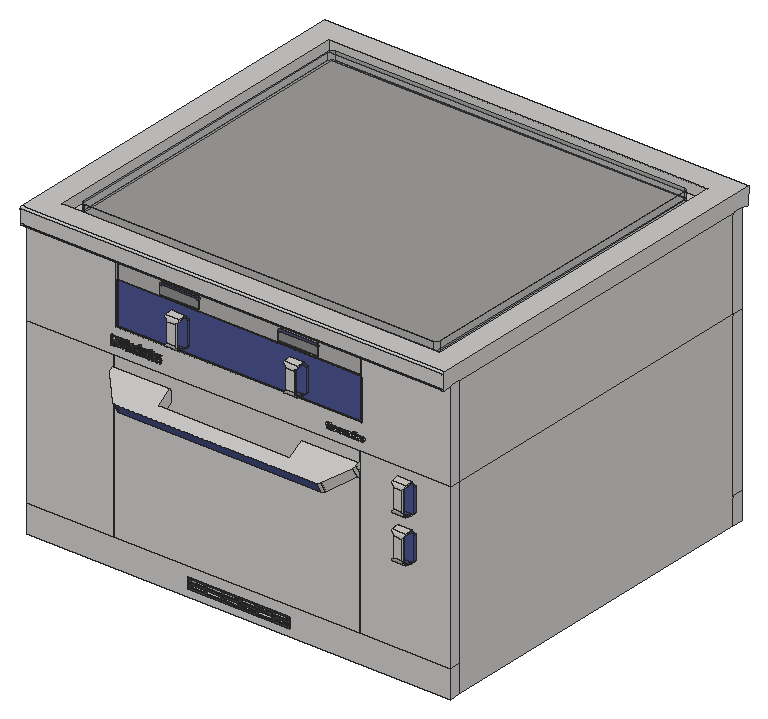
Revit family "QF_ELECTROLUXPROFESSIONAL_589667_MCINECJ8AO", category Attrezzature speciali, Revit 2020 (continued)
Definition of nested family "Front_Panel_W1000_2 Knobs"
  Definition of nested family "ELX_Professional_Logo_Small"
    Forms (mm)
      Extrusion 2, solid, material <- "Material_Logo"
        sketch origin (15.5, 0, 0) x (1, 0, 0) y (0, 1, 0)
          loop
            spline (-27.019, -3.829) -> (-26.627, -3.82) -> (-26.239, -3.79) -> (-25.856, -3.739) -> (-25.477, -3.663) -> (-25.103, -3.562) -> (-24.734, -3.432) -> (-24.369, -3.273) -> (-24.01, -3.082) -> (-23.655, -2.858) -> (-23.305, -2.597) -> (-22.96, -2.299) -> (-22.621, -1.962)
            line (-22.621, -1.962) -> (-24.114, -0.509)
            spline (-24.114, -0.509) -> (-24.311, -0.699) -> (-24.509, -0.872) -> (-24.71, -1.03) -> (-24.915, -1.172) -> (-25.126, -1.297) -> (-25.346, -1.407) -> (-25.576, -1.5) -> (-25.817, -1.576) -> (-26.072, -1.636) -> (-26.342, -1.678) -> (-26.629, -1.704) -> (-26.936, -1.713)
            spline (-26.936, -1.713) -> (-27.384, -1.691) -> (-27.805, -1.625) -> (-28.196, -1.518) -> (-28.556, -1.372) -> (-28.882, -1.187) -> (-29.174, -0.966) -> (-29.429, -0.71) -> (-29.645, -0.422) -> (-29.821, -0.102) -> (-29.955, 0.247) -> (-30.045, 0.623) -> (-30.089, 1.026)
            line (-30.089, 1.026) -> (-21.956, 1.026) -> (-21.915, 1.897)
          loop
            spline (-24.446, 2.769) -> (-24.47, 3.075) -> (-24.54, 3.37) -> (-24.654, 3.65) -> (-24.807, 3.913) -> (-24.996, 4.156) -> (-25.219, 4.376) -> (-25.472, 4.57) -> (-25.753, 4.736) -> (-26.057, 4.869) -> (-26.382, 4.968) -> (-26.724, 5.03) -> (-27.081, 5.051)
            spline (-27.081, 5.051) -> (-27.464, 5.03) -> (-27.832, 4.97) -> (-28.183, 4.872) -> (-28.513, 4.74) -> (-28.819, 4.577) -> (-29.099, 4.384) -> (-29.347, 4.165) -> (-29.563, 3.923) -> (-29.742, 3.659) -> (-29.881, 3.377) -> (-29.977, 3.079) -> (-30.027, 2.769)
            line (-30.027, 2.769) -> (-24.446, 2.769)
          loop
            spline (-18.167, 1.669) -> (-18.138, 2.13) -> (-18.055, 2.567) -> (-17.921, 2.978) -> (-17.739, 3.358) -> (-17.512, 3.705) -> (-17.243, 4.016) -> (-16.937, 4.287) -> (-16.596, 4.517) -> (-16.223, 4.7) -> (-15.823, 4.835) -> (-15.398, 4.919) -> (-14.951, 4.947)
            spline (-14.951, 4.947) -> (-14.677, 4.938) -> (-14.414, 4.913) -> (-14.162, 4.871) -> (-13.921, 4.812) -> (-13.69, 4.738) -> (-13.467, 4.649) -> (-13.254, 4.544) -> (-13.048, 4.424) -> (-12.85, 4.291) -> (-12.659, 4.143) -> (-12.474, 3.981) -> (-12.295, 3.806)
            line (-12.295, 3.806) -> (-10.76, 5.403)
            spline (-10.76, 5.403) -> (-11.065, 5.709) -> (-11.38, 5.984) -> (-11.703, 6.228) -> (-12.035, 6.443) -> (-12.375, 6.63) -> (-12.723, 6.788) -> (-13.078, 6.92) -> (-13.44, 7.026) -> (-13.809, 7.107) -> (-14.184, 7.164) -> (-14.564, 7.198) -> (-14.951, 7.209)
            spline (-14.951, 7.209) -> (-15.725, 7.161) -> (-16.467, 7.02) -> (-17.169, 6.792) -> (-17.826, 6.482) -> (-18.43, 6.096) -> (-18.976, 5.637) -> (-19.455, 5.112) -> (-19.862, 4.525) -> (-20.19, 3.882) -> (-20.433, 3.189) -> (-20.584, 2.449) -> (-20.635, 1.669)
            spline (-20.635, 1.669) -> (-20.584, 0.889) -> (-20.433, 0.149) -> (-20.19, -0.545) -> (-19.862, -1.187) -> (-19.455, -1.774) -> (-18.976, -2.299) -> (-18.43, -2.758) -> (-17.826, -3.145) -> (-17.169, -3.454) -> (-16.467, -3.682) -> (-15.725, -3.823) -> (-14.951, -3.871)
            spline (-14.951, -3.871) -> (-14.564, -3.86) -> (-14.184, -3.826) -> (-13.809, -3.77) -> (-13.44, -3.689) -> (-13.078, -3.583) -> (-12.723, -3.451) -> (-12.375, -3.292) -> (-12.035, -3.105) -> (-11.703, -2.89) -> (-11.38, -2.646) -> (-11.065, -2.371) -> (-10.76, -2.066)
            line (-10.76, -2.066) -> (-12.295, -0.468)
            spline (-12.295, -0.468) -> (-12.474, -0.643) -> (-12.659, -0.805) -> (-12.85, -0.953) -> (-13.048, -1.087) -> (-13.254, -1.206) -> (-13.467, -1.311) -> (-13.69, -1.4) -> (-13.921, -1.475) -> (-14.162, -1.533) -> (-14.414, -1.575) -> (-14.677, -1.6) -> (-14.951, -1.609)
            spline (-14.951, -1.609) -> (-15.398, -1.581) -> (-15.823, -1.497) -> (-16.223, -1.362) -> (-16.596, -1.179) -> (-16.937, -0.95) -> (-17.243, -0.678) -> (-17.512, -0.367) -> (-17.739, -0.02) -> (-17.921, 0.36) -> (-18.055, 0.771) -> (-18.138, 1.208) -> (-18.167, 1.669)
          loop
            spline (-4.441, -1.243) -> (-4.659, -1.247) -> (-4.894, -1.23) -> (-5.137, -1.19) -> (-5.384, -1.121) -> (-5.628, -1.021) -> (-5.864, -0.884) -> (-6.084, -0.708) -> (-6.283, -0.488) -> (-6.454, -0.219) -> (-6.592, 0.101) -> (-6.69, 0.478) -> (-6.742, 0.914)
            line (-6.742, 0.914) -> (-6.742, 4.587) -> (-4.487, 4.587) -> (-4.487, 6.838) -> (-6.738, 6.838) -> (-6.738, 10.824) -> (-9.217, 10.824) -> (-9.217, 0.773)
            spline (-9.217, 0.773) -> (-9.164, 0.19) -> (-9.068, -0.358) -> (-8.928, -0.87) -> (-8.742, -1.343) -> (-8.511, -1.777) -> (-8.232, -2.168) -> (-7.904, -2.515) -> (-7.527, -2.816) -> (-7.098, -3.069) -> (-6.618, -3.273) -> (-6.084, -3.426) -> (-5.496, -3.525)
            line (-5.496, -3.525) -> (-4.45, -3.573) -> (-4.441, -1.243)
          loop
            spline (3.898, 6.983) -> (3.469, 7.009) -> (3.056, 7.001) -> (2.661, 6.961) -> (2.283, 6.888) -> (1.925, 6.785) -> (1.588, 6.652) -> (1.272, 6.49) -> (0.979, 6.301) -> (0.71, 6.085) -> (0.465, 5.844) -> (0.247, 5.578) -> (0.056, 5.289)
            line (0.056, 5.289) -> (0.056, 6.838) -> (-2.402, 6.838) -> (-2.402, -3.572) -> (0.056, -3.572) -> (0.056, 1.901)
            spline (0.056, 1.901) -> (0.079, 2.316) -> (0.145, 2.703) -> (0.254, 3.06) -> (0.404, 3.386) -> (0.592, 3.679) -> (0.818, 3.938) -> (1.08, 4.162) -> (1.375, 4.348) -> (1.703, 4.495) -> (2.062, 4.602) -> (2.45, 4.668) -> (2.865, 4.69)
            line (2.865, 4.69) -> (3.898, 4.586) -> (3.898, 6.983)
          loop
            spline (15.638, 1.633) -> (15.586, 2.396) -> (15.435, 3.124) -> (15.192, 3.81) -> (14.863, 4.449) -> (14.455, 5.034) -> (13.975, 5.56) -> (13.43, 6.021) -> (12.826, 6.411) -> (12.17, 6.724) -> (11.469, 6.955) -> (10.729, 7.098) -> (9.958, 7.147)
            spline (9.958, 7.147) -> (9.182, 7.098) -> (8.44, 6.955) -> (7.737, 6.724) -> (7.081, 6.411) -> (6.477, 6.021) -> (5.933, 5.56) -> (5.454, 5.034) -> (5.048, 4.449) -> (4.721, 3.81) -> (4.479, 3.124) -> (4.329, 2.396) -> (4.277, 1.633)
            spline (4.277, 1.633) -> (4.329, 0.869) -> (4.479, 0.141) -> (4.721, -0.544) -> (5.048, -1.183) -> (5.454, -1.768) -> (5.933, -2.294) -> (6.477, -2.755) -> (7.081, -3.145) -> (7.737, -3.459) -> (8.44, -3.69) -> (9.182, -3.833) -> (9.958, -3.882)
            spline (9.958, -3.882) -> (10.729, -3.833) -> (11.469, -3.69) -> (12.17, -3.459) -> (12.826, -3.145) -> (13.43, -2.755) -> (13.975, -2.294) -> (14.455, -1.768) -> (14.863, -1.183) -> (15.192, -0.544) -> (15.435, 0.141) -> (15.586, 0.869) -> (15.638, 1.633)
          loop
            spline (13.18, 1.633) -> (13.151, 2.083) -> (13.067, 2.513) -> (12.932, 2.918) -> (12.748, 3.296) -> (12.52, 3.642) -> (12.251, 3.954) -> (11.943, 4.227) -> (11.601, 4.459) -> (11.228, 4.645) -> (10.828, 4.782) -> (10.403, 4.867) -> (9.958, 4.896)
            spline (9.958, 4.896) -> (9.509, 4.867) -> (9.081, 4.782) -> (8.679, 4.645) -> (8.306, 4.459) -> (7.964, 4.227) -> (7.658, 3.954) -> (7.39, 3.642) -> (7.163, 3.296) -> (6.981, 2.918) -> (6.847, 2.513) -> (6.765, 2.083) -> (6.736, 1.633)
            spline (6.736, 1.633) -> (6.765, 1.182) -> (6.847, 0.753) -> (6.981, 0.347) -> (7.163, -0.031) -> (7.39, -0.377) -> (7.658, -0.689) -> (7.964, -0.962) -> (8.306, -1.193) -> (8.679, -1.38) -> (9.081, -1.517) -> (9.509, -1.602) -> (9.958, -1.631)
            spline (9.958, -1.631) -> (10.403, -1.602) -> (10.828, -1.517) -> (11.228, -1.38) -> (11.601, -1.193) -> (11.943, -0.962) -> (12.251, -0.689) -> (12.52, -0.377) -> (12.748, -0.031) -> (12.932, 0.347) -> (13.067, 0.753) -> (13.151, 1.182) -> (13.18, 1.633)
          loop
            line (17.162, 4.269) -> (17.162, -3.573) -> (19.642, -3.573) -> (19.642, 10.824) -> (17.162, 10.824) -> (17.162, 4.269)
          loop
            line (28.581, 6.838) -> (28.581, 0.786)
            spline (28.581, 0.786) -> (28.561, 0.393) -> (28.503, 0.038) -> (28.409, -0.279) -> (28.281, -0.559) -> (28.122, -0.802) -> (27.933, -1.011) -> (27.717, -1.185) -> (27.476, -1.325) -> (27.213, -1.433) -> (26.929, -1.509) -> (26.626, -1.554) -> (26.308, -1.569)
            spline (26.308, -1.569) -> (25.99, -1.554) -> (25.688, -1.509) -> (25.404, -1.434) -> (25.141, -1.326) -> (24.9, -1.187) -> (24.684, -1.014) -> (24.496, -0.807) -> (24.336, -0.565) -> (24.209, -0.288) -> (24.115, 0.026) -> (24.057, 0.376) -> (24.037, 0.765)
            line (24.037, 0.765) -> (24.037, 6.838) -> (21.537, 6.838) -> (21.537, 0.558)
            spline (21.537, 0.558) -> (21.581, -0.153) -> (21.71, -0.8) -> (21.916, -1.384) -> (22.195, -1.904) -> (22.54, -2.362) -> (22.944, -2.757) -> (23.403, -3.09) -> (23.909, -3.362) -> (24.456, -3.572) -> (25.04, -3.722) -> (25.652, -3.811) -> (26.288, -3.841)
            spline (26.288, -3.841) -> (26.929, -3.811) -> (27.547, -3.72) -> (28.135, -3.568) -> (28.687, -3.355) -> (29.197, -3.079) -> (29.66, -2.741) -> (30.068, -2.341) -> (30.415, -1.877) -> (30.696, -1.349) -> (30.905, -0.757) -> (31.034, -0.101) -> (31.079, 0.621)
            line (31.079, 0.621) -> (31.079, 6.838) -> (28.581, 6.838)
          loop
            line (40.457, -0.243) -> (38.894, 1.942) -> (40.83, 4.579) -> (42.488, 6.837) -> (39.782, 6.837) -> (37.53, 3.719) -> (35.258, 6.837) -> (32.573, 6.837) -> (34.113, 4.731) -> (36.167, 1.922) -> (34.014, -1.076) -> (32.222, -3.573) -> (34.887, -3.573) -> (37.53, 0.104) -> (40.174, -3.573) -> (42.839, -3.573) -> (40.457, -0.243)
          loop
            line (-46.121, -5.837) -> (-48.039, -5.837) -> (-48.039, -10.814) -> (-47.016, -10.814) -> (-47.016, -9.128) -> (-46.121, -9.128)
            arc (-46.121, -9.128) -> (-44.476, -7.482) -> (-46.121, -5.837) r 1.645
          loop
            line (-46.163, -6.778) -> (-47.016, -6.778) -> (-47.016, -8.187) -> (-46.163, -8.187)
            arc (-46.163, -8.187) -> (-45.458, -7.482) -> (-46.163, -6.778) r 0.704
          loop
            line (-38.313, -5.837) -> (-40.265, -5.837) -> (-40.265, -10.814) -> (-39.241, -10.814) -> (-39.241, -9.1) -> (-38.46, -9.182) -> (-37.48, -10.814) -> (-36.318, -10.814) -> (-37.513, -8.848)
            arc (-37.513, -8.848) -> (-36.888, -8.266) -> (-36.671, -7.441) r 1.536
            arc (-36.671, -7.441) -> (-37.165, -6.305) -> (-38.313, -5.837) r 1.643
          loop
            arc (-38.402, -8.166) -> (-37.707, -7.505) -> (-38.334, -6.778) r 0.696
            line (-38.334, -6.778) -> (-39.241, -6.778) -> (-39.241, -8.166) -> (-38.402, -8.166)
          loop
            circle (-29.965, -8.325) r 2.585
          loop
            circle (-29.965, -8.325) r 1.64
          loop
            line (-23.1, -5.837) -> (-23.1, -10.814) -> (-22.076, -10.814) -> (-22.076, -8.768) -> (-20.204, -8.768) -> (-20.204, -7.828) -> (-22.076, -7.828) -> (-22.076, -6.778) -> (-20.024, -6.778) -> (-20.024, -5.837) -> (-23.1, -5.837)
          loop
            line (-15.802, -5.837) -> (-15.802, -9.2)
            arc (-15.802, -9.2) -> (-15.343, -10.34) -> (-14.209, -10.814) r 1.593
            line (-14.209, -10.814) -> (-12.602, -10.814) -> (-12.602, -10.027) -> (-14.004, -10.027)
            arc (-14.004, -10.027) -> (-14.552, -9.8) -> (-14.779, -9.252) r 0.775
            line (-14.779, -9.252) -> (-14.779, -8.424) -> (-12.789, -8.424) -> (-12.789, -7.642) -> (-14.779, -7.642) -> (-14.779, -6.778) -> (-12.651, -6.778) -> (-12.651, -5.837) -> (-15.802, -5.837)
          loop
            line (-5.909, -7.143) -> (-5.173, -6.638)
            arc (-5.173, -6.638) -> (-5.855, -5.974) -> (-6.781, -5.755) r 1.782
            arc (-6.781, -5.755) -> (-7.397, -5.878) -> (-7.944, -6.189) r 1.974
            arc (-7.944, -6.189) -> (-8.202, -6.5) -> (-8.317, -6.888) r 1.013
            arc (-8.317, -6.888) -> (-8.306, -7.341) -> (-8.192, -7.78) r 1.985
            arc (-8.192, -7.78) -> (-7.749, -8.259) -> (-7.171, -8.563) r 1.928
            arc (-7.171, -8.563) -> (-6.637, -8.779) -> (-6.131, -9.056) r 5.041
            arc (-6.131, -9.056) -> (-5.934, -9.387) -> (-6.09, -9.74) r 0.42
            arc (-6.09, -9.74) -> (-6.631, -9.96) -> (-7.204, -9.845) r 1.016
            arc (-7.204, -9.845) -> (-7.625, -9.603) -> (-7.889, -9.196) r 1.033
            line (-7.889, -9.196) -> (-8.67, -9.686)
            arc (-8.67, -9.686) -> (-8.361, -10.198) -> (-7.908, -10.589) r 1.914
            arc (-7.908, -10.589) -> (-7.334, -10.834) -> (-6.714, -10.896) r 2.063
            arc (-6.714, -10.896) -> (-5.947, -10.743) -> (-5.256, -10.376) r 2.696
            arc (-5.256, -10.376) -> (-4.95, -9.565) -> (-5.108, -8.712) r 1.618
            arc (-5.108, -8.712) -> (-5.448, -8.319) -> (-5.884, -8.035) r 1.876
            arc (-5.884, -8.035) -> (-6.434, -7.789) -> (-6.999, -7.577) r 9.883
            arc (-6.999, -7.577) -> (-7.325, -7.07) -> (-6.854, -6.694) r 0.45
            arc (-6.854, -6.694) -> (-6.329, -6.809) -> (-5.909, -7.143) r 1.197
          loop
            line (1.61, -7.143) -> (2.345, -6.638)
            arc (2.345, -6.638) -> (1.663, -5.974) -> (0.737, -5.755) r 1.782
            arc (0.737, -5.755) -> (0.121, -5.878) -> (-0.425, -6.189) r 1.974
            arc (-0.425, -6.189) -> (-0.683, -6.5) -> (-0.799, -6.888) r 1.013
            arc (-0.799, -6.888) -> (-0.788, -7.341) -> (-0.674, -7.78) r 1.985
            arc (-0.674, -7.78) -> (-0.231, -8.259) -> (0.347, -8.563) r 1.928
            arc (0.347, -8.563) -> (0.881, -8.779) -> (1.387, -9.056) r 5.041
            arc (1.387, -9.056) -> (1.584, -9.387) -> (1.428, -9.74) r 0.42
            arc (1.428, -9.74) -> (0.887, -9.96) -> (0.314, -9.845) r 1.016
            arc (0.314, -9.845) -> (-0.107, -9.603) -> (-0.371, -9.196) r 1.033
            line (-0.371, -9.196) -> (-1.152, -9.686)
            arc (-1.152, -9.686) -> (-0.842, -10.198) -> (-0.39, -10.589) r 1.914
            arc (-0.39, -10.589) -> (0.184, -10.834) -> (0.804, -10.896) r 2.063
            arc (0.804, -10.896) -> (1.572, -10.743) -> (2.263, -10.376) r 2.696
            arc (2.263, -10.376) -> (2.568, -9.565) -> (2.411, -8.712) r 1.618
            arc (2.411, -8.712) -> (2.07, -8.319) -> (1.635, -8.035) r 1.876
            arc (1.635, -8.035) -> (1.084, -7.789) -> (0.519, -7.577) r 9.883
            arc (0.519, -7.577) -> (0.193, -7.07) -> (0.665, -6.694) r 0.45
            arc (0.665, -6.694) -> (1.189, -6.809) -> (1.61, -7.143) r 1.197
          loop
            line (6.801, -5.837) -> (6.801, -10.814) -> (7.825, -10.814) -> (7.825, -5.837) -> (6.801, -5.837)
          loop
            circle (14.724, -8.325) r 1.548
          loop
            circle (14.724, -8.325) r 2.585
          loop
            line (21.59, -10.814) -> (22.623, -10.814) -> (22.623, -7.685) -> (24.9, -10.814) -> (25.895, -10.814) -> (25.895, -5.837) -> (24.861, -5.837) -> (24.861, -9.061) -> (22.585, -5.837) -> (21.59, -5.837) -> (21.59, -10.814)
          loop
            line (31.054, -10.814) -> (31.539, -9.74) -> (33.38, -9.74) -> (33.865, -10.814) -> (34.965, -10.814) -> (32.46, -5.837) -> (29.956, -10.814) -> (31.054, -10.814)
          loop
            line (32.46, -7.698) -> (31.999, -8.719) -> (32.921, -8.719) -> (32.46, -7.698)
          loop
            line (40.047, -9.873) -> (40.047, -5.837) -> (39.024, -5.837) -> (39.024, -10.814) -> (41.961, -10.814) -> (41.961, -9.873) -> (40.047, -9.873)
          loop
            line (-74.986, -10.814) -> (-53.322, -10.814) -> (-53.322, 10.82) -> (-74.986, 10.82) -> (-74.986, -10.814)
          loop
            line (-61.261, 9.758) -> (-61.261, -9.707)
            arc (-61.261, -9.707) -> (-54.066, 0.025) -> (-61.261, 9.758) r 10.18
          loop
            line (-62.251, 8.349) -> (-62.251, 9.758)
            arc (-62.251, 9.758) -> (-70.347, 7.918) -> (-74.247, 0.59) r 9.976
            line (-74.247, 0.59) -> (-71.026, 0.59)
            arc (-71.026, 0.59) -> (-65.274, 2.925) -> (-62.251, 8.349) r 9.351
          loop
            arc (-74.247, -0.539) -> (-70.353, -7.928) -> (-62.251, -9.957) r 10.237
            line (-62.251, -9.957) -> (-62.251, -8.298)
            arc (-62.251, -8.298) -> (-65.274, -2.874) -> (-71.026, -0.539) r 9.351
            line (-71.026, -0.539) -> (-74.247, -0.539)
        from 0 to 1.644
    Dimensions and locks
      aligned and locked: plane 2 to Extrusion 1
      aligned and locked: level to Extrusion 1
Definition of nested family "Front_Panel_W1000_Two Knobs_Back"
  Parameters
    Default Elevation = 0 mm
  Reference planes
    plane 1 "Center (Front/Back)": y = 0
    plane 2: z = 0
    plane 3 "Center (Left/Right)": x = 297.624
    plane 4 "Left": x = -202.376
    plane 5 "Right": x = 797.624
    plane 6: y = -45
    plane 7: x = 157.624
    plane 8: y = -25
    plane 9: x = -2.376
    plane 10: x = 437.624
    plane 11: x = 594.715
  Forms (mm)
    Extrusion 1, solid
      sketch origin (833.217, 829.203, -1.25) x (0, 1, 0) y (0, 0, 1)
        loop
          line (-854.203, 651.25) -> (-829.203, 651.25) -> (-829.203, 864.25) -> (-854.203, 864.25) -> (-854.203, 651.25)
      from -1035.593 to -35.593
    Extrusion 2, void
      sketch origin (0, 0, 0) x (1, 0, 0) y (0, 0, 1)
        loop
          line (7.624, 853.866) -> (7.624, 711.866) -> (587.624, 711.866) -> (587.624, 853.866) -> (7.624, 853.866)
      from 19.387 to 33.951
  Cuts and joins
    Extrusion 2 cuts Extrusion 1
  Dimensions and locks
    equal spacing: plane 5 "Right", plane 3 "Center (Left/Right)", plane 4 "Left"
    plane 5 "Right" to plane 4 "Left" = 1000 mm
    plane 3 "Center (Left/Right)" to plane 7 = 140 mm
    plane 10 to plane 3 "Center (Left/Right)" = 140 mm
    aligned and locked: cut or joined group of Extrusion 1, Extrusion 2 to plane 4 "Left"
    aligned and locked: plane 5 "Right" to cut or joined group of Extrusion 1, Extrusion 2
    aligned and locked: plane 3 "Center (Left/Right)" to nested 2
    aligned and locked: cut or joined group of Extrusion 1, Extrusion 2 to nested 2
  Automatic sketch dimensions
    Extrusion 1 sketch curve to plane 1 "Center (Front/Back)" = 0 mm
    level to Extrusion 1 sketch curve = 650 mm
    plane 4 "Left" to Extrusion 2 sketch curve = 210 mm
    Extrusion 2 sketch curve to plane 5 "Right" = 210 mm
    level to Extrusion 2 sketch curve = 711.866 mm
    Extrusion 2 sketch curve to Extrusion 2 sketch curve = 142 mm
    Extrusion 1 sketch curve to plane 6 = 20 mm
    Extrusion 1 sketch curve to Extrusion 1 sketch curve = 213 mm
  Nested families
    nested 1: "Range Control Handle" at (157.624, -28.137, -209.113) x (-1, 0, 0) z (0, 0, 1), type "Range Control Handle"
    nested 2: "Front glass control panel W1000_2 Knobs" at (297.624, 280.644, 2.752), type "Front glass control panel W1000_2 Knobs"
    nested 3: "Range Control Handle" at (437.624, -28.137, -209.113), type "Range Control Handle"
    nested 4: "ELX_ThermaLine_Small" at (546.122, -25, 679.426) x (1, 0, 0) z (0, -1, 0), type "ELX_ThermaLine_Small"
      with Show Logo yes, Material_Logo none
    nested 5: "ELX_Professional_Logo_Small" at (57.11, -25, 681.659) x (1, 0, 0) z (0, -1, 0), type "ELX_Professional_Logo_Small"
      with Show Logo yes, Material_Logo none
  Definition of nested family "Range Control Handle"
    Parameters
      Default Elevation = 0 mm
    Reference planes
      plane 1 "Center (Front/Back)": y = 0
      plane 2: z = 0
      plane 3 "Center (Left/Right)": x = 0
      plane 4: z = 971.092
      plane 5: y = -16.9
    Forms (mm)
      Extrusion 1, solid
        sketch origin (-746.28, 380.497, 208.931) x (-1, 0, 0) y (0, 0, 1)
          loop
            line (-770.101, 786.798) -> (-770.101, 731.649)
            arc (-770.101, 731.649) -> (-769.759, 730.563) -> (-768.855, 729.87) r 1.893
            line (-768.855, 729.87) -> (-763.474, 727.911) -> (-729.81, 727.911) -> (-724.428, 729.87)
            arc (-724.428, 729.87) -> (-723.525, 730.563) -> (-723.183, 731.649) r 1.893
            line (-723.183, 731.649) -> (-723.183, 786.798)
            arc (-723.183, 786.798) -> (-723.529, 787.894) -> (-724.44, 788.593) r 1.91
            line (-724.44, 788.593) -> (-729.683, 790.819) -> (-763.601, 790.819) -> (-768.844, 788.593)
            arc (-768.844, 788.593) -> (-769.755, 787.894) -> (-770.101, 786.798) r 1.91
        from -382.35 to -378.852
      Sweep 2, solid
        path origin (-746.788, 380.496, 208.091) x (0, -1, 0) y (0, 0, 1)
          loop
            line (379.775, 793.281) -> (395.661, 791.048)
            arc (395.661, 791.048) -> (397.781, 787.377) -> (398.517, 783.202) r 12.207
            line (398.517, 783.202) -> (398.517, 737.368)
            arc (398.517, 737.368) -> (397.781, 733.193) -> (395.661, 729.522) r 12.207
            line (395.661, 729.522) -> (379.775, 727.289)
        profile origin (-746.788, -7.222, 1000.256) x (0, -0.139173, 0.990268) y (-1, 0, 0)
          loop
            line (0.782, -763.123) -> (0.782, -730.907) -> (-1.322, -730.907) -> (-1.322, -763.123) -> (0.782, -763.123)
      Sweep 3, solid
        path origin (-746.788, 380.715, 207.832) x (0, -1, 0) y (0, 0, 1)
          loop
            line (380.478, 795.442) -> (397.218, 793.09)
            arc (397.218, 793.09) -> (399.929, 788.473) -> (400.871, 783.202) r 15.207
            line (400.871, 783.202) -> (400.871, 737.584)
            arc (400.871, 737.584) -> (399.914, 732.274) -> (397.164, 727.633) r 15.207
            line (397.164, 727.633) -> (380.601, 725.305)
        profile origin (-746.788, -8.132, 1002.099) x (0, -0.139173, 0.990268) y (-1, 0, 0)
          loop
            line (0.782, -763.123) -> (0.782, -730.907) -> (-1.322, -730.907) -> (-1.322, -763.123) -> (0.782, -763.123)
      Extrusion 4, void
        sketch origin (889.253, 220.666, 207.993) x (1, 0, 0) y (0, 0, 1)
          loop
            line (-943.038, 816.854) -> (-943.038, 703.686) -> (-899.466, 734.196) -> (-899.466, 786.344) -> (-943.038, 816.854)
        from 230.636 to 242.25
      Extrusion 5, void
        sketch origin (-888.8, 220.666, 207.993) x (-1, 0, 0) y (0, 0, -1)
          loop
            line (-943.038, -816.854) -> (-899.466, -786.344) -> (-899.466, -734.196) -> (-943.038, -703.686) -> (-943.038, -816.854)
        from 230.636 to 242.25
      Extrusion 6, solid
        sketch origin (0, 0, 0) x (1, 0, 0) y (0, 0, 1)
          loop
            circle (0, 971.092) r 7.736
        from -3.137 to -1.645
    Cuts and joins
      Extrusion 4, Extrusion 5 cuts Sweep 3
      Extrusion 4, Extrusion 5 cuts Sweep 2
      joined: Extrusion 1, Extrusion 6
    Lines and regions (mm)
      symbolic lines
        curve 1: line (16.334, -16.9, 0) -> (16.334, -19.227, 0)
        curve 2: spline (16.334, -19.227, 0) -> (15.87, -19.385, 0) -> (15.404, -19.536, 0) -> (14.936, -19.678, 0) -> (14.466, -19.813, 0) -> (13.995, -19.94, 0) -> (13.523, -20.059, 0) -> (13.049, -20.171, 0) -> (12.575, -20.274, 0) -> (12.099, -20.37, 0) -> (11.622, -20.458, 0) -> (11.144, -20.537, 0) -> (10.666, -20.609, 0)
        curve 3: line (10.666, -16.9, 0) -> (10.666, -20.938, 0)
        curve 4: line (-10.213, -20.938, 0) -> (10.666, -20.938, 0)
        curve 5: line (-10.213, -20.938, 0) -> (-10.213, -16.9, 0)
        curve 6: spline (-10.213, -20.609, 0) -> (-10.691, -20.537, 0) -> (-11.169, -20.458, 0) -> (-11.646, -20.37, 0) -> (-12.122, -20.274, 0) -> (-12.597, -20.171, 0) -> (-13.07, -20.059, 0) -> (-13.542, -19.94, 0) -> (-14.013, -19.813, 0) -> (-14.483, -19.678, 0) -> (-14.951, -19.536, 0) -> (-15.417, -19.385, 0) -> (-15.881, -19.227, 0)
        curve 7: line (-15.881, -19.227, 0) -> (-15.881, -16.9, 0)
  Definition of nested family "Front glass control panel W1000_2 Knobs"
    Parameters
      Default Elevation = 0 mm
    Reference planes
      plane 1 "Center (Front/Back)": y = 0
      plane 2: z = 0
      plane 3 "Center (Left/Right)": x = 0
      plane 4: x = -140
      plane 5: x = 140
    Forms (mm)
      Extrusion 1, solid
        sketch origin (378.286, 0, 0.617) x (1, 0, 0) y (0, 0, 1)
          loop
            line (-668.286, 806.791) -> (-668.286, 708.497) -> (-88.286, 708.497) -> (-88.286, 806.791) -> (-668.286, 806.791)
        from 300.031 to 304.8
      Extrusion 2, solid
        sketch origin (378.286, 0, 0.617) x (1, 0, 0) y (0, 0, 1)
          loop
            line (-668.286, 850.497) -> (-668.286, 806.791) -> (-88.286, 806.791) -> (-88.286, 850.497) -> (-668.286, 850.497)
        from 300.031 to 304.8
      Extrusion 3, void
        sketch origin (378.286, 0, 0.617) x (1, 0, 0) y (0, 0, 1)
          loop
            line (-665.628, 847.565) -> (-665.628, 710.699) -> (-91.196, 710.699) -> (-91.196, 847.565) -> (-665.628, 847.565)
        from 303.697 to 304.8
      Extrusion 4, solid
        sketch origin (-448.309, 1.101, -0.633) x (-1, 0, 0) y (0, 0, -1)
          loop
            line (-261.431, -812.62) -> (-355.186, -812.62) -> (-355.186, -834.177) -> (-350.269, -834.177) -> (-348.469, -835.977) -> (-268.039, -835.977) -> (-266.24, -834.177) -> (-261.431, -834.177) -> (-261.431, -812.62)
        from 304.798 to 306.745
      Extrusion 5, solid
        sketch origin (-448.309, 1.101, -0.633) x (-1, 0, 0) y (0, 0, -1)
          loop
            line (-350.269, -834.177) -> (-355.078, -834.177)
            arc (-355.078, -834.177) -> (-353.942, -838.747) -> (-349.686, -840.763) r 5.5
            line (-349.686, -840.763) -> (-266.98, -840.763)
            arc (-266.98, -840.763) -> (-262.706, -838.752) -> (-261.529, -834.177) r 5.549
            line (-261.529, -834.177) -> (-266.24, -834.177) -> (-268.039, -835.977) -> (-348.469, -835.977) -> (-350.269, -834.177)
        from 304.798 to 306.745
      Extrusion 6, solid
        sketch origin (448.333, 1.101, -0.633) x (1, 0, 0) y (0, 0, 1)
          loop
            line (-261.431, 812.62) -> (-261.431, 834.177) -> (-266.24, 834.177) -> (-268.039, 835.977) -> (-348.469, 835.977) -> (-350.269, 834.177) -> (-355.186, 834.177) -> (-355.186, 812.62) -> (-261.431, 812.62)
        from 304.798 to 306.745
      Extrusion 7, solid
        sketch origin (448.333, 1.101, -0.633) x (1, 0, 0) y (0, 0, 1)
          loop
            line (-350.269, 834.177) -> (-348.469, 835.977) -> (-268.039, 835.977) -> (-266.24, 834.177) -> (-261.529, 834.177)
            arc (-261.529, 834.177) -> (-262.706, 838.752) -> (-266.98, 840.763) r 5.549
            line (-266.98, 840.763) -> (-349.686, 840.763)
            arc (-349.686, 840.763) -> (-353.942, 838.747) -> (-355.078, 834.177) r 5.5
            line (-355.078, 834.177) -> (-350.269, 834.177)
        from 304.798 to 306.745
    Cuts and joins
      Extrusion 3 cuts Extrusion 1
      Extrusion 3 cuts Extrusion 2
    Dimensions and locks
      plane 3 "Center (Left/Right)" to plane 4 = 140 mm
      plane 5 to plane 3 "Center (Left/Right)" = 140 mm
      aligned and locked: Extrusion 1 to Extrusion 2
      aligned and locked: Extrusion 5 sketch curve to Extrusion 4  (x5)
      aligned and locked: Extrusion 5 to Extrusion 4
      aligned and locked: Extrusion 7 sketch curve to Extrusion 6  (x4)
      aligned and locked: Extrusion 6 to Extrusion 7 sketch curve
      aligned and locked: Extrusion 7 to Extrusion 6
  Definition of nested family "ELX_ThermaLine_Small"
    Parameters
      Show Logo [instance] = yes
      Material_Logo [instance] = none
      Default Elevation = 0 mm
    Reference planes
      plane 1 "Centro (Fronte/Retro)": y = 0
      plane 2: z = 0
      plane 3 "Centro (Sinistra/Destra)": x = 0
    Forms (mm)
      Extrusion 1, solid
        sketch origin (0, 0, 0) x (1, 0, 0) y (0, 1, 0)
          loop
            line (-1219.2, 1219.2) -> (-1219.2, -1219.2) -> (1219.2, -1219.2) -> (1219.2, 1219.2) -> (-1219.2, 1219.2)
        from 0 to -304.8
      Extrusion 2, solid
        sketch origin (0, 0, 0) x (1, 0, 0) y (0, 1, 0)
          loop
            line (-37.494, 1.229) -> (-35.908, 1.229) -> (-35.908, 3.066) -> (-37.494, 3.066) -> (-37.494, 6.221) -> (-39.867, 4.881) -> (-39.867, 3.066) -> (-40.969, 3.066) -> (-40.969, 1.229) -> (-39.867, 1.229) -> (-39.867, -3.407)
            arc (-39.867, -3.407) -> (-38.982, -5.513) -> (-36.751, -6.001) r 2.478
            line (-36.751, -6.001) -> (-35.638, -5.7) -> (-35.9, -3.835) -> (-36.661, -4.039)
            arc (-36.661, -4.039) -> (-37.236, -3.924) -> (-37.494, -3.399) r 0.662
            line (-37.494, -3.399) -> (-37.494, 1.229)
          loop
            line (-34.242, 6.539) -> (-34.242, -5.848) -> (-31.854, -5.848) -> (-31.854, -0.078)
            arc (-31.854, -0.078) -> (-30.939, 1.249) -> (-29.33, 1.367) r 1.866
            arc (-29.33, 1.367) -> (-28.695, 0.768) -> (-28.461, -0.073) r 1.627
            line (-28.461, -0.073) -> (-28.461, -5.848) -> (-26.086, -5.848) -> (-26.064, -0.46)
            arc (-26.064, -0.46) -> (-26.261, 0.932) -> (-26.786, 2.237) r 5.825
            arc (-26.786, 2.237) -> (-29.381, 3.264) -> (-31.854, 1.971) r 3.353
            line (-31.854, 1.971) -> (-31.854, 6.539) -> (-34.242, 6.539)
          loop
            arc (-18.398, -0.598) -> (-18.893, 0.879) -> (-20.326, 1.487) r 1.897
            arc (-20.326, 1.487) -> (-21.461, 0.708) -> (-21.897, -0.598) r 2.164
            line (-21.897, -0.598) -> (-18.398, -0.598)
          loop
            arc (-16.021, -2.044) -> (-16.754, 1.227) -> (-19.444, 3.226) r 4.814
            arc (-19.444, 3.226) -> (-22.137, 2.788) -> (-23.943, 0.743) r 4.054
            arc (-23.943, 0.743) -> (-24.382, -1.249) -> (-24.162, -3.276) r 6.289
            arc (-24.162, -3.276) -> (-23.302, -4.71) -> (-21.958, -5.705) r 4.28
            arc (-21.958, -5.705) -> (-18.558, -5.814) -> (-16.152, -3.409) r 4.28
            line (-16.152, -3.409) -> (-18.5, -2.995)
            arc (-18.5, -2.995) -> (-19.273, -3.994) -> (-20.533, -4.076) r 1.536
            arc (-20.533, -4.076) -> (-21.56, -3.281) -> (-21.958, -2.044) r 2.197
            line (-21.958, -2.044) -> (-16.021, -2.044)
          loop
            line (-14.165, -5.848) -> (-11.819, -5.848) -> (-11.819, -2.138)
            arc (-11.819, -2.138) -> (-11.787, -1.156) -> (-11.637, -0.185) r 8.18
            arc (-11.637, -0.185) -> (-10.644, 0.972) -> (-9.132, 0.776) r 1.603
            line (-9.132, 0.776) -> (-8.419, 2.846)
            arc (-8.419, 2.846) -> (-10.432, 3.118) -> (-11.994, 1.821) r 2.527
            line (-11.994, 1.821) -> (-11.994, 3.094) -> (-14.165, 3.094) -> (-14.165, -5.848)
          loop
            line (-7.579, 3.094) -> (-7.579, -5.848) -> (-5.178, -5.848) -> (-5.178, -0.756)
            arc (-5.178, -0.756) -> (-4.727, 0.679) -> (-3.417, 1.419) r 2.05
            arc (-3.417, 1.419) -> (-2.499, 0.908) -> (-2.155, -0.085) r 1.471
            line (-2.155, -0.085) -> (-2.155, -5.848) -> (0.23, -5.848) -> (0.23, -1.001)
            arc (0.23, -1.001) -> (0.47, 0.127) -> (1.148, 1.061) r 2.775
            arc (1.148, 1.061) -> (2.225, 1.329) -> (3.05, 0.587) r 1.182
            arc (3.05, 0.587) -> (3.199, -0.019) -> (3.214, -0.642) r 2.894
            line (3.214, -0.642) -> (3.214, -5.848) -> (5.601, -5.848) -> (5.601, 0.261)
            arc (5.601, 0.261) -> (4.87, 2.263) -> (2.976, 3.241) r 2.932
            arc (2.976, 3.241) -> (1.284, 2.973) -> (-0.047, 1.896) r 3.309
            arc (-0.047, 1.896) -> (-1.116, 2.865) -> (-2.506, 3.258) r 3.16
            arc (-2.506, 3.258) -> (-4.105, 2.942) -> (-5.376, 1.92) r 3.419
            line (-5.376, 1.92) -> (-5.376, 3.094) -> (-7.579, 3.094)
          loop
            line (7.583, 0.738) -> (9.702, 0.364)
            arc (9.702, 0.364) -> (11.441, 1.492) -> (12.855, -0.023) r 1.613
            line (12.855, -0.023) -> (9.782, -0.789)
            arc (9.782, -0.789) -> (8.559, -1.346) -> (7.617, -2.305) r 3.687
            arc (7.617, -2.305) -> (7.499, -3.681) -> (7.901, -5.003) r 3.651
            arc (7.901, -5.003) -> (9.107, -5.766) -> (10.515, -6.006) r 3.635
            arc (10.515, -6.006) -> (11.898, -5.697) -> (13.067, -4.895) r 3.734
            line (13.067, -4.895) -> (13.376, -5.848) -> (15.75, -5.848) -> (15.212, -4.193) -> (15.212, 0.38)
            arc (15.212, 0.38) -> (14.897, 1.849) -> (13.818, 2.895) r 2.585
            arc (13.818, 2.895) -> (11.792, 3.442) -> (9.719, 3.11) r 5.005
            arc (9.719, 3.11) -> (8.369, 2.178) -> (7.583, 0.738) r 3.54
          loop
            line (19.723, -5.848) -> (22.233, -5.848) -> (24.854, 6.484) -> (22.345, 6.484) -> (19.723, -5.848)
          loop
            line (24.583, -5.848) -> (26.953, -5.848) -> (28.848, 3.066) -> (26.478, 3.066) -> (24.583, -5.848)
          loop
            line (27.204, 6.484) -> (26.741, 4.305) -> (29.111, 4.305) -> (29.575, 6.484) -> (27.204, 6.484)
          loop
            line (29.355, -5.848) -> (31.849, -5.848) -> (33.098, 0.028)
            arc (33.098, 0.028) -> (34.169, 1.306) -> (35.832, 1.422) r 2.132
            arc (35.832, 1.422) -> (36.324, 0.752) -> (36.383, -0.078) r 1.5
            line (36.383, -0.078) -> (35.157, -5.848) -> (37.536, -5.848) -> (38.936, 0.738)
            arc (38.936, 0.738) -> (38.775, 2.091) -> (37.825, 3.066) r 2.118
            arc (37.825, 3.066) -> (35.392, 3.175) -> (33.295, 1.937) r 4.271
            line (33.295, 1.937) -> (33.535, 3.066) -> (31.25, 3.066) -> (29.355, -5.848)
          loop
            line (42.792, -0.64) -> (46.589, -0.64)
            arc (46.589, -0.64) -> (46.639, 0.124) -> (46.327, 0.823) r 1.589
            arc (46.327, 0.823) -> (45.117, 1.521) -> (43.762, 1.183) r 1.865
            arc (43.762, 1.183) -> (43.141, 0.344) -> (42.792, -0.64) r 3.538
          loop
            line (42.565, -2.138) -> (48.593, -2.138)
            arc (48.593, -2.138) -> (48.58, 0.597) -> (46.983, 2.818) r 4.494
            arc (46.983, 2.818) -> (44.191, 3.28) -> (41.725, 1.891) r 4.26
            arc (41.725, 1.891) -> (40.503, -0.3) -> (40.284, -2.799) r 6.003
            arc (40.284, -2.799) -> (40.959, -4.468) -> (42.377, -5.576) r 3.482
            arc (42.377, -5.576) -> (44.265, -5.961) -> (46.152, -5.576) r 4.823
            arc (46.152, -5.576) -> (47.432, -4.731) -> (48.328, -3.485) r 4.245
            line (48.328, -3.485) -> (46.168, -3.105)
            arc (46.168, -3.105) -> (45.214, -4.072) -> (43.859, -4.181) r 1.953
            arc (43.859, -4.181) -> (42.821, -3.408) -> (42.565, -2.138) r 1.81
          loop
            line (12.868, -1.553) -> (10.216, -2.214)
            arc (10.216, -2.214) -> (9.747, -3.136) -> (10.216, -4.058) r 1.14
            arc (10.216, -4.058) -> (11.537, -4.249) -> (12.614, -3.46) r 1.763
            arc (12.614, -3.46) -> (12.858, -2.522) -> (12.868, -1.553) r 3.97
        from 0 to 1.6
    Dimensions and locks
      aligned and locked: plane 2 to Extrusion 1
      aligned and locked: level to Extrusion 1
  Definition of nested family "ELX_Professional_Logo_Small"
    Parameters
      Show Logo [instance] = yes
      Material_Logo [instance] = none
      Default Elevation = 0 mm
    Reference planes
      plane 1 "Centro (Fronte/Retro)": y = 0
      plane 2: z = 0
      plane 3 "Centro (Sinistra/Destra)": x = 0
    Forms (mm)
      Extrusion 1, solid
        sketch origin (0, 0, 0) x (1, 0, 0) y (0, 1, 0)
          loop
            line (-1219.2, 1219.2) -> (-1219.2, -1219.2) -> (1219.2, -1219.2) -> (1219.2, 1219.2) -> (-1219.2, 1219.2)
        from 0 to -304.8
      Extrusion 2, solid, material <- "Material_Logo"
        sketch origin (15.5, 0, 0) x (1, 0, 0) y (0, 1, 0)
          loop
            spline (-42.99, -1.24) -> (-43.195, -1.231) -> (-43.415, -1.203) -> (-43.642, -1.152) -> (-43.87, -1.074) -> (-44.095, -0.966) -> (-44.309, -0.825) -> (-44.506, -0.647) -> (-44.681, -0.429) -> (-44.828, -0.167) -> (-44.94, 0.142) -> (-45.011, 0.501) -> (-45.037, 0.915)
            line (-45.037, 0.915) -> (-45.037, 2.748) -> (-38.984, 2.748) -> (-38.984, 5.086) -> (-45.038, 5.086) -> (-45.038, 8.489) -> (-38.599, 8.489) -> (-38.599, 10.82) -> (-47.515, 10.82) -> (-47.515, 1.021)
            spline (-47.515, 1.021) -> (-47.493, 0.418) -> (-47.425, -0.15) -> (-47.311, -0.682) -> (-47.15, -1.175) -> (-46.939, -1.628) -> (-46.678, -2.038) -> (-46.365, -2.404) -> (-46, -2.723) -> (-45.58, -2.995) -> (-45.105, -3.216) -> (-44.573, -3.385) -> (-43.983, -3.499)
            line (-43.983, -3.499) -> (-43.01, -3.569) -> (-38.426, -3.569) -> (-38.426, -1.24) -> (-42.99, -1.24)
          loop
            line (-36.666, 4.021) -> (-36.666, -3.573) -> (-34.188, -3.573) -> (-34.188, 10.824) -> (-36.666, 10.824) -> (-36.666, 4.021)
          loop
            spline (-21.915, 1.897) -> (-21.957, 2.615) -> (-22.082, 3.303) -> (-22.285, 3.955) -> (-22.563, 4.564) -> (-22.913, 5.124) -> (-23.331, 5.629) -> (-23.814, 6.074) -> (-24.359, 6.451) -> (-24.961, 6.755) -> (-25.618, 6.98) -> (-26.326, 7.119) -> (-27.081, 7.167)
            spline (-27.081, 7.167) -> (-27.853, 7.122) -> (-28.586, 6.99) -> (-29.275, 6.774) -> (-29.915, 6.478) -> (-30.5, 6.104) -> (-31.024, 5.657) -> (-31.483, 5.138) -> (-31.871, 4.553) -> (-32.182, 3.904) -> (-32.411, 3.194) -> (-32.552, 2.427) -> (-32.6, 1.606)
            spline (-32.6, 1.606) -> (-32.553, 0.805) -> (-32.416, 0.057) -> (-32.193, -0.637) -> (-31.887, -1.271) -> (-31.504, -1.843) -> (-31.048, -2.35) -> (-30.523, -2.788) -> (-29.934, -3.154) -> (-29.284, -3.444) -> (-28.579, -3.656) -> (-27.822, -3.785) -> (-27.019, -3.829)
            spline (-27.019, -3.829) -> (-26.627, -3.82) -> (-26.239, -3.79) -> (-25.856, -3.739) -> (-25.477, -3.663) -> (-25.103, -3.562) -> (-24.734, -3.432) -> (-24.369, -3.273) -> (-24.01, -3.082) -> (-23.655, -2.858) -> (-23.305, -2.597) -> (-22.96, -2.299) -> (-22.621, -1.962)
            line (-22.621, -1.962) -> (-24.114, -0.509)
            spline (-24.114, -0.509) -> (-24.311, -0.699) -> (-24.509, -0.872) -> (-24.71, -1.03) -> (-24.915, -1.172) -> (-25.126, -1.297) -> (-25.346, -1.407) -> (-25.576, -1.5) -> (-25.817, -1.576) -> (-26.072, -1.636) -> (-26.342, -1.678) -> (-26.629, -1.704) -> (-26.936, -1.713)
            spline (-26.936, -1.713) -> (-27.384, -1.691) -> (-27.805, -1.625) -> (-28.196, -1.518) -> (-28.556, -1.372) -> (-28.882, -1.187) -> (-29.174, -0.966) -> (-29.429, -0.71) -> (-29.645, -0.422) -> (-29.821, -0.102) -> (-29.955, 0.247) -> (-30.045, 0.623) -> (-30.089, 1.026)
            line (-30.089, 1.026) -> (-21.956, 1.026) -> (-21.915, 1.897)
          loop
            spline (-24.446, 2.769) -> (-24.47, 3.075) -> (-24.54, 3.37) -> (-24.654, 3.65) -> (-24.807, 3.913) -> (-24.996, 4.156) -> (-25.219, 4.376) -> (-25.472, 4.57) -> (-25.753, 4.736) -> (-26.057, 4.869) -> (-26.382, 4.968) -> (-26.724, 5.03) -> (-27.081, 5.051)
            spline (-27.081, 5.051) -> (-27.464, 5.03) -> (-27.832, 4.97) -> (-28.183, 4.872) -> (-28.513, 4.74) -> (-28.819, 4.577) -> (-29.099, 4.384) -> (-29.347, 4.165) -> (-29.563, 3.923) -> (-29.742, 3.659) -> (-29.881, 3.377) -> (-29.977, 3.079) -> (-30.027, 2.769)
            line (-30.027, 2.769) -> (-24.446, 2.769)
          loop
            spline (-18.167, 1.669) -> (-18.138, 2.13) -> (-18.055, 2.567) -> (-17.921, 2.978) -> (-17.739, 3.358) -> (-17.512, 3.705) -> (-17.243, 4.016) -> (-16.937, 4.287) -> (-16.596, 4.517) -> (-16.223, 4.7) -> (-15.823, 4.835) -> (-15.398, 4.919) -> (-14.951, 4.947)
            spline (-14.951, 4.947) -> (-14.677, 4.938) -> (-14.414, 4.913) -> (-14.162, 4.871) -> (-13.921, 4.812) -> (-13.69, 4.738) -> (-13.467, 4.649) -> (-13.254, 4.544) -> (-13.048, 4.424) -> (-12.85, 4.291) -> (-12.659, 4.143) -> (-12.474, 3.981) -> (-12.295, 3.806)
            line (-12.295, 3.806) -> (-10.76, 5.403)
            spline (-10.76, 5.403) -> (-11.065, 5.709) -> (-11.38, 5.984) -> (-11.703, 6.228) -> (-12.035, 6.443) -> (-12.375, 6.63) -> (-12.723, 6.788) -> (-13.078, 6.92) -> (-13.44, 7.026) -> (-13.809, 7.107) -> (-14.184, 7.164) -> (-14.564, 7.198) -> (-14.951, 7.209)
            spline (-14.951, 7.209) -> (-15.725, 7.161) -> (-16.467, 7.02) -> (-17.169, 6.792) -> (-17.826, 6.482) -> (-18.43, 6.096) -> (-18.976, 5.637) -> (-19.455, 5.112) -> (-19.862, 4.525) -> (-20.19, 3.882) -> (-20.433, 3.189) -> (-20.584, 2.449) -> (-20.635, 1.669)
            spline (-20.635, 1.669) -> (-20.584, 0.889) -> (-20.433, 0.149) -> (-20.19, -0.545) -> (-19.862, -1.187) -> (-19.455, -1.774) -> (-18.976, -2.299) -> (-18.43, -2.758) -> (-17.826, -3.145) -> (-17.169, -3.454) -> (-16.467, -3.682) -> (-15.725, -3.823) -> (-14.951, -3.871)
            spline (-14.951, -3.871) -> (-14.564, -3.86) -> (-14.184, -3.826) -> (-13.809, -3.77) -> (-13.44, -3.689) -> (-13.078, -3.583) -> (-12.723, -3.451) -> (-12.375, -3.292) -> (-12.035, -3.105) -> (-11.703, -2.89) -> (-11.38, -2.646) -> (-11.065, -2.371) -> (-10.76, -2.066)
            line (-10.76, -2.066) -> (-12.295, -0.468)
            spline (-12.295, -0.468) -> (-12.474, -0.643) -> (-12.659, -0.805) -> (-12.85, -0.953) -> (-13.048, -1.087) -> (-13.254, -1.206) -> (-13.467, -1.311) -> (-13.69, -1.4) -> (-13.921, -1.475) -> (-14.162, -1.533) -> (-14.414, -1.575) -> (-14.677, -1.6) -> (-14.951, -1.609)
            spline (-14.951, -1.609) -> (-15.398, -1.581) -> (-15.823, -1.497) -> (-16.223, -1.362) -> (-16.596, -1.179) -> (-16.937, -0.95) -> (-17.243, -0.678) -> (-17.512, -0.367) -> (-17.739, -0.02) -> (-17.921, 0.36) -> (-18.055, 0.771) -> (-18.138, 1.208) -> (-18.167, 1.669)
          loop
            spline (-4.441, -1.243) -> (-4.659, -1.247) -> (-4.894, -1.23) -> (-5.137, -1.19) -> (-5.384, -1.121) -> (-5.628, -1.021) -> (-5.864, -0.884) -> (-6.084, -0.708) -> (-6.283, -0.488) -> (-6.454, -0.219) -> (-6.592, 0.101) -> (-6.69, 0.478) -> (-6.742, 0.914)
            line (-6.742, 0.914) -> (-6.742, 4.587) -> (-4.487, 4.587) -> (-4.487, 6.838) -> (-6.738, 6.838) -> (-6.738, 10.824) -> (-9.217, 10.824) -> (-9.217, 0.773)
            spline (-9.217, 0.773) -> (-9.164, 0.19) -> (-9.068, -0.358) -> (-8.928, -0.87) -> (-8.742, -1.343) -> (-8.511, -1.777) -> (-8.232, -2.168) -> (-7.904, -2.515) -> (-7.527, -2.816) -> (-7.098, -3.069) -> (-6.618, -3.273) -> (-6.084, -3.426) -> (-5.496, -3.525)
            line (-5.496, -3.525) -> (-4.45, -3.573) -> (-4.441, -1.243)
          loop
            spline (3.898, 6.983) -> (3.469, 7.009) -> (3.056, 7.001) -> (2.661, 6.961) -> (2.283, 6.888) -> (1.925, 6.785) -> (1.588, 6.652) -> (1.272, 6.49) -> (0.979, 6.301) -> (0.71, 6.085) -> (0.465, 5.844) -> (0.247, 5.578) -> (0.056, 5.289)
            line (0.056, 5.289) -> (0.056, 6.838) -> (-2.402, 6.838) -> (-2.402, -3.572) -> (0.056, -3.572) -> (0.056, 1.901)
            spline (0.056, 1.901) -> (0.079, 2.316) -> (0.145, 2.703) -> (0.254, 3.06) -> (0.404, 3.386) -> (0.592, 3.679) -> (0.818, 3.938) -> (1.08, 4.162) -> (1.375, 4.348) -> (1.703, 4.495) -> (2.062, 4.602) -> (2.45, 4.668) -> (2.865, 4.69)
            line (2.865, 4.69) -> (3.898, 4.586) -> (3.898, 6.983)
          loop
            spline (15.638, 1.633) -> (15.586, 2.396) -> (15.435, 3.124) -> (15.192, 3.81) -> (14.863, 4.449) -> (14.455, 5.034) -> (13.975, 5.56) -> (13.43, 6.021) -> (12.826, 6.411) -> (12.17, 6.724) -> (11.469, 6.955) -> (10.729, 7.098) -> (9.958, 7.147)
            spline (9.958, 7.147) -> (9.182, 7.098) -> (8.44, 6.955) -> (7.737, 6.724) -> (7.081, 6.411) -> (6.477, 6.021) -> (5.933, 5.56) -> (5.454, 5.034) -> (5.048, 4.449) -> (4.721, 3.81) -> (4.479, 3.124) -> (4.329, 2.396) -> (4.277, 1.633)
            spline (4.277, 1.633) -> (4.329, 0.869) -> (4.479, 0.141) -> (4.721, -0.544) -> (5.048, -1.183) -> (5.454, -1.768) -> (5.933, -2.294) -> (6.477, -2.755) -> (7.081, -3.145) -> (7.737, -3.459) -> (8.44, -3.69) -> (9.182, -3.833) -> (9.958, -3.882)
            spline (9.958, -3.882) -> (10.729, -3.833) -> (11.469, -3.69) -> (12.17, -3.459) -> (12.826, -3.145) -> (13.43, -2.755) -> (13.975, -2.294) -> (14.455, -1.768) -> (14.863, -1.183) -> (15.192, -0.544) -> (15.435, 0.141) -> (15.586, 0.869) -> (15.638, 1.633)
          loop
            spline (13.18, 1.633) -> (13.151, 2.083) -> (13.067, 2.513) -> (12.932, 2.918) -> (12.748, 3.296) -> (12.52, 3.642) -> (12.251, 3.954) -> (11.943, 4.227) -> (11.601, 4.459) -> (11.228, 4.645) -> (10.828, 4.782) -> (10.403, 4.867) -> (9.958, 4.896)
            spline (9.958, 4.896) -> (9.509, 4.867) -> (9.081, 4.782) -> (8.679, 4.645) -> (8.306, 4.459) -> (7.964, 4.227) -> (7.658, 3.954) -> (7.39, 3.642) -> (7.163, 3.296) -> (6.981, 2.918) -> (6.847, 2.513) -> (6.765, 2.083) -> (6.736, 1.633)
            spline (6.736, 1.633) -> (6.765, 1.182) -> (6.847, 0.753) -> (6.981, 0.347) -> (7.163, -0.031) -> (7.39, -0.377) -> (7.658, -0.689) -> (7.964, -0.962) -> (8.306, -1.193) -> (8.679, -1.38) -> (9.081, -1.517) -> (9.509, -1.602) -> (9.958, -1.631)
            spline (9.958, -1.631) -> (10.403, -1.602) -> (10.828, -1.517) -> (11.228, -1.38) -> (11.601, -1.193) -> (11.943, -0.962) -> (12.251, -0.689) -> (12.52, -0.377) -> (12.748, -0.031) -> (12.932, 0.347) -> (13.067, 0.753) -> (13.151, 1.182) -> (13.18, 1.633)
          loop
            line (17.162, 4.269) -> (17.162, -3.573) -> (19.642, -3.573) -> (19.642, 10.824) -> (17.162, 10.824) -> (17.162, 4.269)
          loop
            line (28.581, 6.838) -> (28.581, 0.786)
            spline (28.581, 0.786) -> (28.561, 0.393) -> (28.503, 0.038) -> (28.409, -0.279) -> (28.281, -0.559) -> (28.122, -0.802) -> (27.933, -1.011) -> (27.717, -1.185) -> (27.476, -1.325) -> (27.213, -1.433) -> (26.929, -1.509) -> (26.626, -1.554) -> (26.308, -1.569)
            spline (26.308, -1.569) -> (25.99, -1.554) -> (25.688, -1.509) -> (25.404, -1.434) -> (25.141, -1.326) -> (24.9, -1.187) -> (24.684, -1.014) -> (24.496, -0.807) -> (24.336, -0.565) -> (24.209, -0.288) -> (24.115, 0.026) -> (24.057, 0.376) -> (24.037, 0.765)
            line (24.037, 0.765) -> (24.037, 6.838) -> (21.537, 6.838) -> (21.537, 0.558)
            spline (21.537, 0.558) -> (21.581, -0.153) -> (21.71, -0.8) -> (21.916, -1.384) -> (22.195, -1.904) -> (22.54, -2.362) -> (22.944, -2.757) -> (23.403, -3.09) -> (23.909, -3.362) -> (24.456, -3.572) -> (25.04, -3.722) -> (25.652, -3.811) -> (26.288, -3.841)
            spline (26.288, -3.841) -> (26.929, -3.811) -> (27.547, -3.72) -> (28.135, -3.568) -> (28.687, -3.355) -> (29.197, -3.079) -> (29.66, -2.741) -> (30.068, -2.341) -> (30.415, -1.877) -> (30.696, -1.349) -> (30.905, -0.757) -> (31.034, -0.101) -> (31.079, 0.621)
            line (31.079, 0.621) -> (31.079, 6.838) -> (28.581, 6.838)
          loop
            line (40.457, -0.243) -> (38.894, 1.942) -> (40.83, 4.579) -> (42.488, 6.837) -> (39.782, 6.837) -> (37.53, 3.719) -> (35.258, 6.837) -> (32.573, 6.837) -> (34.113, 4.731) -> (36.167, 1.922) -> (34.014, -1.076) -> (32.222, -3.573) -> (34.887, -3.573) -> (37.53, 0.104) -> (40.174, -3.573) -> (42.839, -3.573) -> (40.457, -0.243)
          loop
            line (-46.121, -5.837) -> (-48.039, -5.837) -> (-48.039, -10.814) -> (-47.016, -10.814) -> (-47.016, -9.128) -> (-46.121, -9.128)
            arc (-46.121, -9.128) -> (-44.476, -7.482) -> (-46.121, -5.837) r 1.645
          loop
            line (-46.163, -6.778) -> (-47.016, -6.778) -> (-47.016, -8.187) -> (-46.163, -8.187)
            arc (-46.163, -8.187) -> (-45.458, -7.482) -> (-46.163, -6.778) r 0.704
          loop
            line (-38.313, -5.837) -> (-40.265, -5.837) -> (-40.265, -10.814) -> (-39.241, -10.814) -> (-39.241, -9.1) -> (-38.46, -9.182) -> (-37.48, -10.814) -> (-36.318, -10.814) -> (-37.513, -8.848)
            arc (-37.513, -8.848) -> (-36.888, -8.266) -> (-36.671, -7.441) r 1.536
            arc (-36.671, -7.441) -> (-37.165, -6.305) -> (-38.313, -5.837) r 1.643
          loop
            arc (-38.402, -8.166) -> (-37.707, -7.505) -> (-38.334, -6.778) r 0.696
            line (-38.334, -6.778) -> (-39.241, -6.778) -> (-39.241, -8.166) -> (-38.402, -8.166)
          loop
            circle (-29.965, -8.325) r 2.585
          loop
            circle (-29.965, -8.325) r 1.64
          loop
            line (-23.1, -5.837) -> (-23.1, -10.814) -> (-22.076, -10.814) -> (-22.076, -8.768) -> (-20.204, -8.768) -> (-20.204, -7.828) -> (-22.076, -7.828) -> (-22.076, -6.778) -> (-20.024, -6.778) -> (-20.024, -5.837) -> (-23.1, -5.837)
          loop
            line (-15.802, -5.837) -> (-15.802, -9.2)
            arc (-15.802, -9.2) -> (-15.343, -10.34) -> (-14.209, -10.814) r 1.593
            line (-14.209, -10.814) -> (-12.602, -10.814) -> (-12.602, -10.027) -> (-14.004, -10.027)
            arc (-14.004, -10.027) -> (-14.552, -9.8) -> (-14.779, -9.252) r 0.775
            line (-14.779, -9.252) -> (-14.779, -8.424) -> (-12.789, -8.424) -> (-12.789, -7.642) -> (-14.779, -7.642) -> (-14.779, -6.778) -> (-12.651, -6.778) -> (-12.651, -5.837) -> (-15.802, -5.837)
          loop
            line (-5.909, -7.143) -> (-5.173, -6.638)
            arc (-5.173, -6.638) -> (-5.855, -5.974) -> (-6.781, -5.755) r 1.782
            arc (-6.781, -5.755) -> (-7.397, -5.878) -> (-7.944, -6.189) r 1.974
            arc (-7.944, -6.189) -> (-8.202, -6.5) -> (-8.317, -6.888) r 1.013
            arc (-8.317, -6.888) -> (-8.306, -7.341) -> (-8.192, -7.78) r 1.985
            arc (-8.192, -7.78) -> (-7.749, -8.259) -> (-7.171, -8.563) r 1.928
            arc (-7.171, -8.563) -> (-6.637, -8.779) -> (-6.131, -9.056) r 5.041
            arc (-6.131, -9.056) -> (-5.934, -9.387) -> (-6.09, -9.74) r 0.42
            arc (-6.09, -9.74) -> (-6.631, -9.96) -> (-7.204, -9.845) r 1.016
            arc (-7.204, -9.845) -> (-7.625, -9.603) -> (-7.889, -9.196) r 1.033
            line (-7.889, -9.196) -> (-8.67, -9.686)
            arc (-8.67, -9.686) -> (-8.361, -10.198) -> (-7.908, -10.589) r 1.914
            arc (-7.908, -10.589) -> (-7.334, -10.834) -> (-6.714, -10.896) r 2.063
            arc (-6.714, -10.896) -> (-5.947, -10.743) -> (-5.256, -10.376) r 2.696
            arc (-5.256, -10.376) -> (-4.95, -9.565) -> (-5.108, -8.712) r 1.618
            arc (-5.108, -8.712) -> (-5.448, -8.319) -> (-5.884, -8.035) r 1.876
            arc (-5.884, -8.035) -> (-6.434, -7.789) -> (-6.999, -7.577) r 9.883
            arc (-6.999, -7.577) -> (-7.325, -7.07) -> (-6.854, -6.694) r 0.45
            arc (-6.854, -6.694) -> (-6.329, -6.809) -> (-5.909, -7.143) r 1.197
          loop
            line (1.61, -7.143) -> (2.345, -6.638)
            arc (2.345, -6.638) -> (1.663, -5.974) -> (0.737, -5.755) r 1.782
            arc (0.737, -5.755) -> (0.121, -5.878) -> (-0.425, -6.189) r 1.974
            arc (-0.425, -6.189) -> (-0.683, -6.5) -> (-0.799, -6.888) r 1.013
            arc (-0.799, -6.888) -> (-0.788, -7.341) -> (-0.674, -7.78) r 1.985
            arc (-0.674, -7.78) -> (-0.231, -8.259) -> (0.347, -8.563) r 1.928
            arc (0.347, -8.563) -> (0.881, -8.779) -> (1.387, -9.056) r 5.041
            arc (1.387, -9.056) -> (1.584, -9.387) -> (1.428, -9.74) r 0.42
            arc (1.428, -9.74) -> (0.887, -9.96) -> (0.314, -9.845) r 1.016
            arc (0.314, -9.845) -> (-0.107, -9.603) -> (-0.371, -9.196) r 1.033
            line (-0.371, -9.196) -> (-1.152, -9.686)
            arc (-1.152, -9.686) -> (-0.842, -10.198) -> (-0.39, -10.589) r 1.914
            arc (-0.39, -10.589) -> (0.184, -10.834) -> (0.804, -10.896) r 2.063
            arc (0.804, -10.896) -> (1.572, -10.743) -> (2.263, -10.376) r 2.696
            arc (2.263, -10.376) -> (2.568, -9.565) -> (2.411, -8.712) r 1.618
            arc (2.411, -8.712) -> (2.07, -8.319) -> (1.635, -8.035) r 1.876
            arc (1.635, -8.035) -> (1.084, -7.789) -> (0.519, -7.577) r 9.883
            arc (0.519, -7.577) -> (0.193, -7.07) -> (0.665, -6.694) r 0.45
            arc (0.665, -6.694) -> (1.189, -6.809) -> (1.61, -7.143) r 1.197
          loop
            line (6.801, -5.837) -> (6.801, -10.814) -> (7.825, -10.814) -> (7.825, -5.837) -> (6.801, -5.837)
          loop
            circle (14.724, -8.325) r 1.548
          loop
            circle (14.724, -8.325) r 2.585
          loop
            line (21.59, -10.814) -> (22.623, -10.814) -> (22.623, -7.685) -> (24.9, -10.814) -> (25.895, -10.814) -> (25.895, -5.837) -> (24.861, -5.837) -> (24.861, -9.061) -> (22.585, -5.837) -> (21.59, -5.837) -> (21.59, -10.814)
          loop
            line (31.054, -10.814) -> (31.539, -9.74) -> (33.38, -9.74) -> (33.865, -10.814) -> (34.965, -10.814) -> (32.46, -5.837) -> (29.956, -10.814) -> (31.054, -10.814)
          loop
            line (32.46, -7.698) -> (31.999, -8.719) -> (32.921, -8.719) -> (32.46, -7.698)
          loop
            line (40.047, -9.873) -> (40.047, -5.837) -> (39.024, -5.837) -> (39.024, -10.814) -> (41.961, -10.814) -> (41.961, -9.873) -> (40.047, -9.873)
          loop
            line (-74.986, -10.814) -> (-53.322, -10.814) -> (-53.322, 10.82) -> (-74.986, 10.82) -> (-74.986, -10.814)
          loop
            line (-61.261, 9.758) -> (-61.261, -9.707)
            arc (-61.261, -9.707) -> (-54.066, 0.025) -> (-61.261, 9.758) r 10.18
          loop
            line (-62.251, 8.349) -> (-62.251, 9.758)
            arc (-62.251, 9.758) -> (-70.347, 7.918) -> (-74.247, 0.59) r 9.976
            line (-74.247, 0.59) -> (-71.026, 0.59)
            arc (-71.026, 0.59) -> (-65.274, 2.925) -> (-62.251, 8.349) r 9.351
          loop
            arc (-74.247, -0.539) -> (-70.353, -7.928) -> (-62.251, -9.957) r 10.237
            line (-62.251, -9.957) -> (-62.251, -8.298)
            arc (-62.251, -8.298) -> (-65.274, -2.874) -> (-71.026, -0.539) r 9.351
            line (-71.026, -0.539) -> (-74.247, -0.539)
        from 0 to 1.644
    Dimensions and locks
      aligned and locked: plane 2 to Extrusion 1
      aligned and locked: level to Extrusion 1
